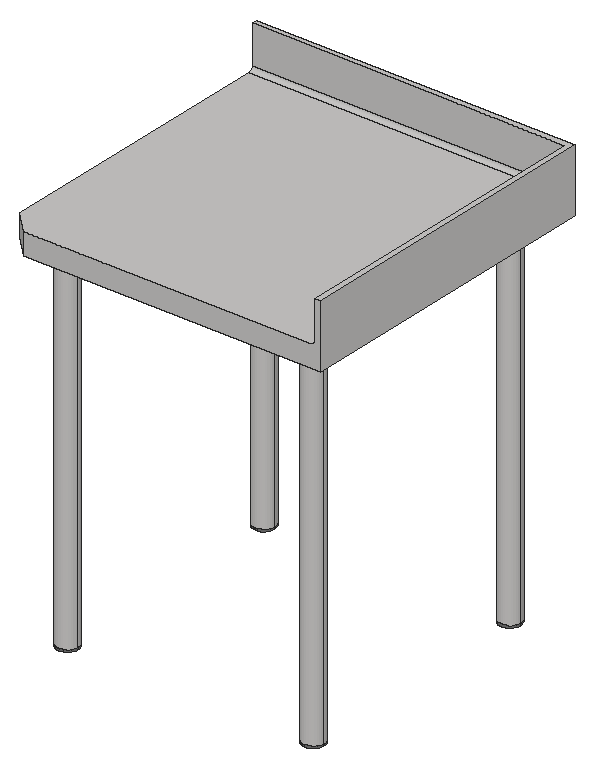
Revit family "QF_ELECTROLUXPROFESSIONAL_133060_TGAEN", category Attrezzature speciali, Revit 2020
Family settings
  Quota connettore circolare = Usa diametro
  Tipo di parte = Normale
  Basato su piano di lavoro = No
  Sempre verticale = Sì
  Taglio con vuoti quando caricato = No
  Condiviso = No
  Punto di calcolo locali = No
Parameters (values of type "Standard")
  Weight = 35.00 kg
  Watts = 0 W
  Volts = 0 V
  URL Manufacturer = "https://www.electroluxprofessional.com/"
  URL = "https://www.electroluxprofessional.com/"
  Steam Supply Size = 0 mm
  Steam Supply Minimum Pressure = 0.0 Pa
  Steam Supply Maximum Pressure = 0.0 Pa
  Steam Consumption per Hour = 0
  Refrigeration Suction Line Size = 0.0 mm
  Refrigeration Liquid Line Size = 0.0 mm
  Refrigerant Compressor Remote = yes
  Prospetto di default = 0.0 mm
  Phase = 0
  Modello = "TGAEN"
  Produttore = "Electrolux Professional"
  Length Actual = 750.0 mm  # constant formula
  Item Number = "133060"
  Hot Water Size = 0 mm
  Height Actual = 900.0 mm  # constant formula
  HP = "0 HP"
  Gas Size = 0 mm
  Gas KW = 0
  Gas Input Pressure = 0 W
  Direct Waste Size = 0 mm
  Descrizione = "CORNER TYPE WORK TABLE 750X750 MM"
  Depth Actual = 750.0 mm  # constant formula
  Cycle = 0 Hz
  Condensate Return Size = 0 mm
  Compressed Air Volume = 0.0 L/s
  Compressed Air Size = 0 mm
  Compressed Air Pressure = 0.0 Pa
  Cold Water Size = 0 mm
  Accessory = yes
Reference planes
  plane 1 "Center (Front/Back)": y = 0
  plane 2: z = 0
  plane 3 "Center (Left/Right)": x = 0
  plane 4 "LEFT": x = -375
  plane 5 "RIGHT": x = 375
  plane 6 "BACK": y = 375
  plane 7 "FRONT": y = -375
  plane 8 "Base": z = 850
  plane 9 "TOP": z = 900
  plane 10: x = -290
  plane 11: x = 290
  plane 12: y = 290
  plane 13: y = -290
  plane 14: z = 1000
Forms (mm)
  Extrusion 1, solid, material "QF_Finishes_Stainless Steel"
    sketch origin (0, 0, 0) x (0, 1, 0) y (0, 0, 1)
      loop
        line (375, 900) -> (375, 1000) -> (362, 1000) -> (362, 910)
        arc (362, 910) -> (359.071, 902.929) -> (352, 900) r 10
        line (352, 900) -> (375, 900)
    from 375 to -375
  Extrusion 2, solid, material "QF_Finishes_Stainless Steel"
    sketch origin (0, 0, -100) x (1, 0, 0) y (0, 0, 1)
      loop
        line (375, 1000) -> (375, 1100) -> (362, 1100) -> (362, 1010)
        arc (362, 1010) -> (359.071, 1002.929) -> (352, 1000) r 10
        line (352, 1000) -> (375, 1000)
    from 375 to -375
  Extrusion 3, solid, material "QF_Finishes_Stainless Steel"
    sketch origin (0, 0, 850) x (0, 1, 0) y (-1, 0, 0)
      loop
        line (-375, 324.5) -> (-375, -375) -> (375, -375) -> (375, 375) -> (-324.5, 375) -> (-375, 324.5)
    from 0 to 50
Cuts and joins
  joined: Extrusion 1, Extrusion 2, Extrusion 3
Lines and regions (mm)
  symbolic lines
    curve 1: line (375, 375, 900) -> (-375, 375, 900)
    curve 2: line (-375, 375, 900) -> (-375, -324.5, 900)
    curve 3: line (-324.5, -375, 900) -> (375, -375, 900)
    curve 4: line (375, -375, 900) -> (375, 375, 900)
    curve 5: line (362, 362, 900) -> (-375, 362, 900)
    curve 6: line (362, 362, 900) -> (362, -375, 900)
    curve 7: line (-375, -324.5, 900) -> (-324.5, -375, 900)
Dimensions and locks
  plane 4 "LEFT" to plane 5 "RIGHT" = 750.0 mm
  equal spacing: plane 4 "LEFT", plane 3 "Center (Left/Right)", plane 5 "RIGHT"
  equal spacing: plane 6 "BACK", plane 1 "Center (Front/Back)", plane 7 "FRONT"
  plane 6 "BACK" to plane 7 "FRONT" = 750.0 mm
  plane 6 "BACK" to plane 12 = 85.0 mm
  plane 13 to plane 7 "FRONT" = 85.0 mm
  plane 4 "LEFT" to plane 10 = 85.0 mm
  plane 11 to plane 5 "RIGHT" = 85.0 mm
  plane 10 to plane 11 = 580.0 mm
  plane 12 to plane 13 = 580.0 mm
  plane 6 "BACK" to plane 12 to plane 13 to plane 7 "FRONT" = 85.0 mm, 580.0 mm, 85.0 mm
  plane 5 "RIGHT" to plane 11 to plane 10 to plane 4 "LEFT" = 85.0 mm, 580.0 mm, 85.0 mm
  locked: plane 9 "TOP" to level at 900
  locked: plane 8 "Base" to level at 850
  plane 14 to plane 9 "TOP" = 100.0 mm
  plane 9 "TOP" to plane 8 "Base" = 50.0 mm
  aligned and locked: level to plane 2
  aligned and locked: plane 10 to nested 1
  aligned and locked: nested 1 to plane 13
  aligned and locked: plane 11 to nested 2
  aligned and locked: nested 2 to plane 13
  aligned and locked: plane 11 to nested 4
  aligned and locked: nested 4 to plane 12
  aligned and locked: plane 10 to nested 3
  aligned and locked: nested 3 to plane 12
  aligned and locked: Extrusion 1 to plane 4 "LEFT"
  aligned and locked: plane 5 "RIGHT" to Extrusion 1
  aligned and locked: plane 6 "BACK" to Extrusion 2
  aligned and locked: Extrusion 2 to plane 7 "FRONT"
  aligned and locked: Extrusion 3 sketch curve to plane 4 "LEFT"
  aligned and locked: plane 6 "BACK" to Extrusion 3 sketch curve
  aligned and locked: plane 5 "RIGHT" to Extrusion 3 sketch curve
  aligned and locked: plane 9 "TOP" to cut or joined group of Extrusion 1, Extrusion 2, Extrusion 3
  aligned and locked: cut or joined group of Extrusion 1, Extrusion 2, Extrusion 3 to plane 4 "LEFT"
  aligned and locked: plane 5 "RIGHT" to cut or joined group of Extrusion 1, Extrusion 2, Extrusion 3
  aligned and locked: plane 6 "BACK" to cut or joined group of Extrusion 1, Extrusion 2, Extrusion 3
  aligned and locked: cut or joined group of Extrusion 1, Extrusion 2, Extrusion 3 to plane 7 "FRONT"
Automatic sketch dimensions
  Extrusion 1 sketch curve to plane 9 "TOP" = 0.0 mm
  Extrusion 1 sketch curve to plane 6 "BACK" = 0.0 mm
  Extrusion 1 sketch curve to plane 6 "BACK" = 13.0 mm
  Extrusion 1 sketch curve to Extrusion 1 sketch curve = 10.0 mm
  Extrusion 1 sketch curve to Extrusion 1 sketch curve = 90.0 mm
  Extrusion 2 sketch curve to plane 5 "RIGHT" = 0.0 mm
  Extrusion 2 sketch curve to plane 5 "RIGHT" = 13.0 mm
  Extrusion 2 sketch curve to Extrusion 2 sketch curve = 10.0 mm
  plane 9 "TOP" to Extrusion 2 sketch curve = 0.0 mm
  Extrusion 2 sketch curve to Extrusion 2 sketch curve = 90.0 mm
  Extrusion 3 sketch curve to plane 7 "FRONT" = 0.0 mm
  Extrusion 3 sketch curve to plane 13 = 34.5 mm
  Extrusion 3 sketch curve to plane 10 = 34.5 mm
  curve 4 to plane 5 "RIGHT" = 0.0 mm
  curve 4 to plane 7 "FRONT" = 0.0 mm
  curve 2 to plane 4 "LEFT" = 0.0 mm
  curve 4 to plane 6 "BACK" = 0.0 mm
  curve 5 to plane 6 "BACK" = 13.0 mm
  curve 6 to plane 5 "RIGHT" = 13.0 mm
  curve 2 to plane 13 = 34.5 mm
  curve 3 to plane 10 = 34.5 mm
Nested families
  nested 1: "FEET_D50PREM" at (-290, -290, 0), type "FEET_D50PREM"
  nested 2: "FEET_D50PREM" at (290, -290, 0), type "FEET_D50PREM"
  nested 3: "FEET_D50PREM" at (-290, 290, 0), type "FEET_D50PREM"
  nested 4: "FEET_D50PREM" at (290, 290, 0), type "FEET_D50PREM"
Definition of nested family "FEET_D50PREM"
  Parameters
    Default Elevation = 0.0 mm
    FEET = 850.0 mm
  Reference planes
    plane 1 "Center (Front/Back)": y = 0
    plane 2: z = 0
    plane 3 "Center (Left/Right)": x = 0
    plane 4: z = 850
  Forms (mm)
    Extrusion 1, solid
      sketch origin (0, 0, 0) x (1, 0, 0) y (0, 1, 0)
        loop
          circle (0, 0.002) r 25
      from 5 to 845
    Extrusion 2, solid
      sketch origin (0, 0, 0) x (1, 0, 0) y (0, 1, 0)
        loop
          circle (0, 0) r 25
      from 0 to 5
    Extrusion 3, solid
      sketch origin (0, 0, 0) x (1, 0, 0) y (0, 1, 0)
        loop
          line (30, 30) -> (-30, 30) -> (-30, -30) -> (30, -30) -> (30, 30)
      from 845 to 850
  Lines and regions (mm)
    symbolic lines
      curve 1: line (0, -1.503, 0) -> (0, 1.508, 0)
      curve 2: line (1.561, 0, 0) -> (-1.439, 0, 0)
  Dimensions and locks
    "FEET": plane 4 to plane 2
    aligned and locked: level to plane 2
  Automatic sketch dimensions
    plane 1 "Center (Front/Back)" to curve 2 = 0.0 mm
    curve 1 to plane 3 "Center (Left/Right)" = 0.0 mm
    curve 2 to plane 3 "Center (Left/Right)" = 1.439 mm
    plane 3 "Center (Left/Right)" to curve 2 = 1.561 mm
    plane 1 "Center (Front/Back)" to curve 1 = 1.503 mm
    curve 1 to plane 1 "Center (Front/Back)" = 1.508 mm
    plane 1 "Center (Front/Back)" to Extrusion 2 sketch curve = 0.0 mm
    Extrusion 2 sketch curve to plane 3 "Center (Left/Right)" = 0.0 mm
    Extrusion 3 sketch curve to plane 3 "Center (Left/Right)" = 30.0 mm
    plane 3 "Center (Left/Right)" to Extrusion 3 sketch curve = 30.0 mm
    plane 1 "Center (Front/Back)" to Extrusion 3 sketch curve = 30.0 mm
    Extrusion 3 sketch curve to plane 1 "Center (Front/Back)" = 30.0 mm
    Extrusion 1 sketch curve to plane 3 "Center (Left/Right)" = 0.0 mm
    Extrusion 1 sketch curve to plane 1 "Center (Front/Back)" = 0.002 mm
    radius of Extrusion 2 sketch curve = 25.0 mm
    radius of Extrusion 1 sketch curve = 25.0 mm
